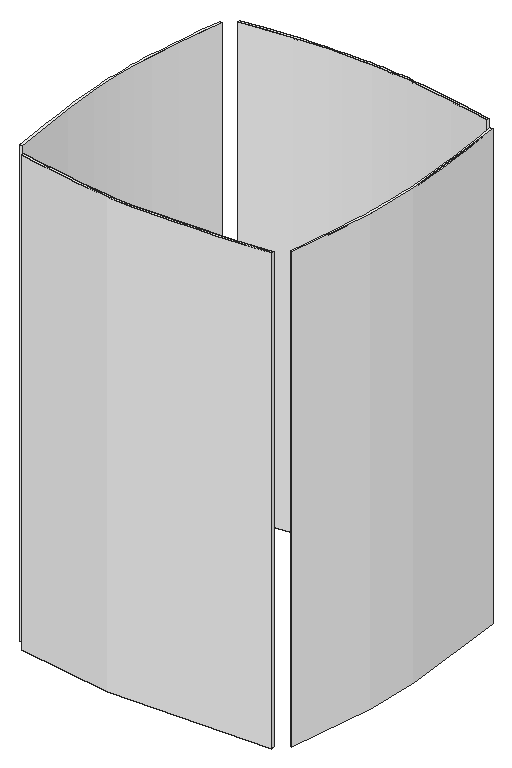
Revit family "sh-1732", category Lighting Fixtures, host Wall, Revit 2017
Family settings
  Host = Wall
  Round Connector Dimension = Use Diameter
  Part Type = Normal
  OmniClass Number = 23.80.70.00
  OmniClass Title = Lighting
  Always vertical = Yes
  Cut with Voids When Loaded = No
  Light Source = Yes
  Shared = Yes
  Room Calculation Point = No
Parameters (values of type "SH-1732(Black body-3000K-E27)")
  wattage. = 9 W
  instalation = "Wall Mounted"
  consumption current = 0.06 A
  Width = 18.4305 cm
  Wattage = 9 W
  Voltage/Frequency = "230 V Ac/50HZ"
  built-in parameter 1150110 = 1 (stored number, unit not read)
  URL = "https://www.shoaco.com/fa/product/%DA%86%D8%B1%D8%A7%D8%BA-%D9%87%D8%A7%DB%8C-%D8%AD%DB%8C%D8%A7%D8%B7%DB%8C/1229-%DA%86%D8%B1%D8%A7%D8%BA-%D8%AF%DB%8C%D9%88%D8%A7%D8%B1%DB%8C-%D9%85%D8%AF%D9%84-SH-1732.html"
  Type medule = ""
  built-in parameter 1114217 = 1 (stored number, unit not read)
  Tilt Angle = 90.00°
  built-in parameter 1150109 = 1 (stored number, unit not read)
  built-in parameter 1150134 = (empty or 0)
  built-in parameter 1150113 = 1 (stored number, unit not read)
  Protection Class = "Class I"
  Photometric Web File = "4376_V-TAC7WLEDBulbE27A60Thermoplastic3000K_1-5117.ies"
  Model = "SH-1732"
  Manufacturer = "SHOA"
  built-in parameter 1150105 = 50.134 (stored number, unit not read)
  Lumens = 630 lm
  built-in parameter 1150115 = 1 (stored number, unit not read)
  built-in parameter 1150137 = (empty or 0)
  built-in parameter 1150139 = (empty or 0)
  built-in parameter 1150112 = 1 (stored number, unit not read)
  built-in parameter 1150114 = 1 (stored number, unit not read)
  Lamp = "E27"
  Website = "www.shoaco.com"
  built-in parameter 1150132 = (empty or 0)
  built-in parameter 1150102 = (empty or 0)
  built-in parameter 1150107 = 3000 (stored number, unit not read)
  built-in parameter 1150138 = (empty or 0)
  built-in parameter 1150106 = 0.50134 (stored number, unit not read)
  IP = "X3"
  Height = 42.5188 cm
  Flicker = ""
  Emit from Circle Diameter = 60.96 cm
  Emit Shape Visible in Rendering = no
  built-in parameter 1150104 = 6.5032 (stored number, unit not read)
  Dimming Lamp Color Temperature Shift = <None>
  Diffuser Material = "Acrylic"
  Cost = 0
  Color Temperature = ""
  Color Rendering (CRI) = 0
  Color Filter = 16777215
  Body color = Black
  Body Material = "Aluminum"
  built-in parameter 1114218 = 1 (stored number, unit not read)
  built-in parameter 1150133 = 10 (stored number, unit not read)
Reference planes (cm)
  plane 1: y = 7.5
  plane 2 "Light Source Axis (L/R)": x = 12.5
  plane 3 "Light Source Axis (F/R)": y = 17.896
  plane 4 "Light Source Elevation": z = 180
  plane 5: x = -1.928
  plane 6: x = 27.302
  plane 7: z = 209.3498
  plane 8: z = 166.831
  plane 9: y = 48.1923
  plane 10: y = 29.7619
Forms (cm)
  Extrusion 1, solid, material "Light"
    sketch origin (0, 0, 180) x (1, 0, 0) y (0, 1, 0)
      loop
        spline (17.9711, 45.2228) -> (16.5035, 45.4535) -> (15.4591, 45.5887) -> (14.6611, 45.6713) -> (13.9761, 45.7312) -> (13.3625, 45.7705) -> (12.79, 45.7881) -> (12.2154, 45.784) -> (11.581, 45.76) -> (10.8273, 45.7177) -> (9.8701, 45.6445) -> (8.5891, 45.5076) -> (6.8613, 45.2725)
        line (6.8613, 45.2725) -> (6.8759, 45.1736)
        spline (6.8759, 45.1736) -> (8.6012, 45.4084) -> (9.8791, 45.5449) -> (10.8336, 45.6179) -> (11.5858, 45.6601) -> (12.2178, 45.684) -> (12.7891, 45.6881) -> (13.3576, 45.6706) -> (13.9684, 45.6315) -> (14.6511, 45.5719) -> (15.4482, 45.4892) -> (16.4893, 45.3546) -> (17.9545, 45.1242)
        line (17.9545, 45.1242) -> (17.9711, 45.2228)
      loop
        line (18.4846, 44.7571) -> (18.3856, 44.7431)
        spline (18.3856, 44.7431) -> (18.6089, 43.0347) -> (18.7426, 41.7655) -> (18.8114, 40.8201) -> (18.8401, 40.0828) -> (18.8514, 39.4444) -> (18.8547, 38.8377) -> (18.8465, 38.2353) -> (18.824, 37.607) -> (18.7831, 36.9179) -> (18.7109, 36.0933) -> (18.5903, 35.0389) -> (18.4041, 33.6612)
        line (18.4041, 33.6612) -> (18.5031, 33.6471)
        spline (18.5031, 33.6471) -> (18.6895, 35.0265) -> (18.8104, 36.0832) -> (18.8829, 36.9107) -> (18.9239, 37.6023) -> (18.9465, 38.233) -> (18.9547, 38.8374) -> (18.9515, 39.445) -> (18.9398, 40.0862) -> (18.9112, 40.8255) -> (18.8422, 41.7742) -> (18.7082, 43.0465) -> (18.4846, 44.7571)
      loop
        spline (6.8986, 33.1828) -> (8.0751, 33.0082) -> (8.9991, 32.8839) -> (9.7369, 32.7999) -> (10.3548, 32.7462) -> (10.919, 32.7128) -> (11.4947, 32.6908) -> (12.1365, 32.6822) -> (12.8922, 32.6959) -> (13.8095, 32.741) -> (14.9362, 32.8268) -> (16.32, 32.9622) -> (18.0086, 33.1563)
        line (18.0086, 33.1563) -> (17.9965, 33.2556)
        spline (17.9965, 33.2556) -> (16.3094, 33.0616) -> (14.9275, 32.9264) -> (13.8032, 32.8408) -> (12.8888, 32.7959) -> (12.1363, 32.7822) -> (11.4974, 32.7905) -> (10.9237, 32.8128) -> (10.362, 32.8461) -> (9.7469, 32.8993) -> (9.0115, 32.9831) -> (8.0891, 33.1072) -> (6.9138, 33.2817)
        line (6.9138, 33.2817) -> (6.8986, 33.1828)
      loop
        line (6.435, 33.6581) -> (6.534, 33.672)
        spline (6.534, 33.672) -> (6.3037, 35.3893) -> (6.1571, 36.6456) -> (6.0729, 37.558) -> (6.0291, 38.2473) -> (6.0063, 38.8244) -> (5.9979, 39.3543) -> (6.003, 39.8829) -> (6.0221, 40.4517) -> (6.059, 41.1158) -> (6.1325, 41.9779) -> (6.265, 43.1527) -> (6.4788, 44.754)
        line (6.4788, 44.754) -> (6.3798, 44.768)
        spline (6.3798, 44.768) -> (6.1658, 43.165) -> (6.033, 41.9878) -> (5.9593, 41.1227) -> (5.9222, 40.456) -> (5.903, 39.885) -> (5.8978, 39.3543) -> (5.9065, 38.821) -> (5.9292, 38.2424) -> (5.9729, 37.5513) -> (6.0576, 36.6351) -> (6.2045, 35.3766) -> (6.435, 33.6581)
    from -11.0342 to 8.627
Text (cm)
  text "Placement side" at (-178.7139, 111.6779, 0), in view "Ref. Level"
  text "Placement side" at (0, 211.0396, 298.6058), in view "Left"
  text "Placement side" at (0, 62.8478, 301.1967), in view "Right"
Dimensions and locks (cm)
  plane 6 to plane 5 = 29.23 cm
  "Height": plane 8 to plane 7
  "Width": plane 9 to plane 10
  locked: plane 9 to plane 3 "Light Source Axis (F/R)" at 30.2963
  aligned and locked: plane 1 to host wall
Automatic sketch dimensions
  Extrusion 1 sketch curve to plane 2 "Light Source Axis (L/R)" = 6.065 cm
  Extrusion 1 sketch curve to Extrusion 1 sketch curve = 0.099 cm  (x4)
  Extrusion 1 sketch curve to plane 2 "Light Source Axis (L/R)" = 5.6387 cm
  Extrusion 1 sketch curve to Extrusion 1 sketch curve = 0.0147 cm
  Extrusion 1 sketch curve to Extrusion 1 sketch curve = 0.3646 cm
  Extrusion 1 sketch curve to Extrusion 1 sketch curve = 0.0152 cm
  plane 2 "Light Source Axis (L/R)" to Extrusion 1 sketch curve = 5.4545 cm
  Extrusion 1 sketch curve to Extrusion 1 sketch curve = 0.0166 cm
  plane 2 "Light Source Axis (L/R)" to Extrusion 1 sketch curve = 5.4965 cm
  Extrusion 1 sketch curve to Extrusion 1 sketch curve = 0.0121 cm
  Extrusion 1 sketch curve to Extrusion 1 sketch curve = 0.431 cm
  Extrusion 1 sketch curve to Extrusion 1 sketch curve = 0.4076 cm
  plane 10 to Extrusion 1 sketch curve = 3.3945 cm
  plane 10 to Extrusion 1 sketch curve = 3.421 cm
  Extrusion 1 sketch curve to Extrusion 1 sketch curve = 0.0993 cm
  Extrusion 1 sketch curve to Extrusion 1 sketch curve = 0.0988 cm
  Extrusion 1 sketch curve to Extrusion 1 sketch curve = 0.3915 cm
  Extrusion 1 sketch curve to Extrusion 1 sketch curve = 0.3764 cm
  Extrusion 1 sketch curve to Extrusion 1 sketch curve = 0.0142 cm
  Extrusion 1 sketch curve to Extrusion 1 sketch curve = 0.0139 cm  (x2)
  Extrusion 1 sketch curve to plane 9 = 3.4492 cm
  Extrusion 1 sketch curve to Extrusion 1 sketch curve = 0.381 cm
  Extrusion 1 sketch curve to plane 9 = 3.0188 cm
  Extrusion 1 sketch curve to Extrusion 1 sketch curve = 0.0986 cm
  Extrusion 1 sketch curve to Extrusion 1 sketch curve = 0.0989 cm
  Extrusion 1 sketch curve to Extrusion 1 sketch curve = 0.4962 cm
  Extrusion 1 sketch curve to Extrusion 1 sketch curve = 0.4196 cm
  Extrusion 1 sketch curve to Extrusion 1 sketch curve = 0.014 cm
Connectors (cm)
  electrical at (12.5, 19.516, 179.68)
    settings: on free form element, index 1, voltage 230 V, apparent load 0 VA, apparent load phase1 0 VA, apparent load phase2 0 VA, apparent load phase3 0 VA, power factor 1, load classification "Other", number of poles 1, system type 31, power factor state 1, is connector primary yes, connector utility no, sub classification motor no, connector description ""
